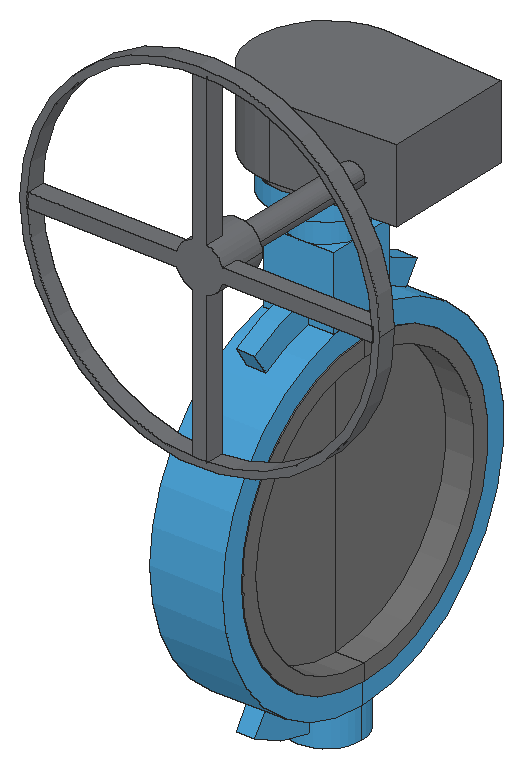
Revit family "711EG Butterfly Valve", category Pipe Accessories, Revit 2018
Family settings
  Round Connector Dimension = Use Diameter
  Part Type = Normal
  Work Plane-Based = No
  Always vertical = Yes
  Cut with Voids When Loaded = No
  Shared = No
Parameters (values of type "Standard")
  pipe radius [instance] = Pipe Diameter / 2  # 4.3125"
  Weight [instance] = size_lookup(LookupTable, "Weight", "NA", Nominal Diameter)  # "42.9 lbs."
  URL = "http://www.fnw.com"
  Standards Lookup Table = "Standards"  # constant formula
  Show Lever Clearance [instance] = no
  R3 [instance] = size_lookup(LookupTable, "R3", 0.000", Nominal Diameter)  # 4.8125"
  R2 [instance] = size_lookup(LookupTable, "R2", 0.000", Nominal Diameter)  # 6.250"
  R1 [instance] = size_lookup(LookupTable, "R1", 0.000", Nominal Diameter)  # 5.500"
  Product ID [instance] = size_lookup(LookupTable, "ProductID", "NA", Nominal Diameter)  # "3916511"
  Pipe Diameter [instance] = size_lookup(Standards Lookup Table, "pipe_dia", 0.000", Nominal Diameter)  # 8.625"
  Part Number [instance] = size_lookup(LookupTable, "PartNumber", "NA", Nominal Diameter)  # "FNW711EGX"
  Nominal Diameter [instance] = 8"
  LookupTable [instance] = "711EG-Butterfly-Valve"  # constant formula
  L4 [instance] = size_lookup(LookupTable, "L4", 0.000", Nominal Diameter)  # 0.590"
  L3 [instance] = size_lookup(LookupTable, "L3", 0.000", Nominal Diameter)  # 0.060"
  L2 [instance] = size_lookup(LookupTable, "L2", 0.000", Nominal Diameter)  # 0.060"
  L1 [instance] = size_lookup(LookupTable, "L1", 0.000", Nominal Diameter)  # 2.180"
  H4 [instance] = size_lookup(LookupTable, "H4", 0.000", Nominal Diameter)  # 9.340"
  H3 [instance] = size_lookup(LookupTable, "H3", 0.000", Nominal Diameter)  # 8.670"
  H2 [instance] = size_lookup(LookupTable, "H2", 0.000", Nominal Diameter)  # 7.665"
  H1 [instance] = size_lookup(LookupTable, "H1", 0.000", Nominal Diameter)  # 6.510"
  Description BOM [instance] = size_lookup(LookupTable, "Description_BOM", "NA", Nominal Diameter)  # "Lead Law Compliant 8 Cast Iron Bronze EPDM 200# Wafer Butterfly Valve Gear Operator"
  D2 [instance] = size_lookup(LookupTable, "D2", 0.000", Nominal Diameter)  # 2.240"
  D1 [instance] = size_lookup(LookupTable, "D1", 0.000", Nominal Diameter)  # 3.540"
  A1 [instance] = 33.00°  # constant formula
  1_Z4 [instance] = size_lookup(LookupTable, "1_Z4", 0.000", Nominal Diameter)  # 1.476"
  1_Z3 [instance] = size_lookup(LookupTable, "1_Z3", 0.000", Nominal Diameter)  # 2.303"
  1_Z2 [instance] = size_lookup(LookupTable, "1_Z2", 0.000", Nominal Diameter)  # 0.453"
  1_Y5 [instance] = size_lookup(LookupTable, "1_Y5", 0.000", Nominal Diameter)  # 0.56102"
  1_Y4 [instance] = size_lookup(LookupTable, "1_Y4", 0.000", Nominal Diameter)  # 1.49606"
  1_Y3 [instance] = size_lookup(LookupTable, "1_Y3", 0.000", Nominal Diameter)  # 8.070"
  1_Y2 [instance] = size_lookup(LookupTable, "1_Y2", 0.000", Nominal Diameter)  # 8.070"
  1_Y1 [instance] = size_lookup(LookupTable, "1_Y1", 0.000", Nominal Diameter)  # 2.825"
  1_X7 [instance] = size_lookup(LookupTable, "1_X7", 0.000", Nominal Diameter)  # 5.650"
  1_X6 [instance] = size_lookup(LookupTable, "1_X6", 0.000", Nominal Diameter)  # 0.74803"
  1_X5 [instance] = size_lookup(LookupTable, "1_X5", 0.000", Nominal Diameter)  # 0.37402"
  1_X4 [instance] = size_lookup(LookupTable, "1_X4", 0.000", Nominal Diameter)  # 2.480"
  1_X3 [instance] = size_lookup(LookupTable, "1_X3", 0.000", Nominal Diameter)  # 3.840"
Reference planes (in)
  plane 1 "Center (Front/Back)": y = 0
  plane 2: z = 0
  plane 3 "Center (Left/Right)": x = 0
  plane 4: y = 1.09
  plane 5: y = -1.09
  plane 6: x = -1.09
  plane 7: x = 1.09
  plane 8: x = -1.15
  plane 9: x = 1.15
  plane 10: z = -5.5
  plane 11: z = 5.5
  plane 12: z = -6.25
  plane 13: z = 6.25
  plane 14: z = -6.51
  plane 15: z = 7.665
  plane 16: z = 8.67
  plane 17 "Pad Top": z = 9.34
  plane 18: x = -1.77
  plane 19: x = 1.77
  plane 20: z = 4.3125
  plane 21: x = -1.21
  plane 22: x = 1.21
  plane 23: z = 4.8125
  plane 24: x = -0.295
  plane 25: x = 0.295
  plane 26: z = -4.8125
Forms (in)
  Extrusion 1, solid, material "butterfly paint blue"
    sketch origin (0, 0, 0) x (1, 0, 0) y (0, 1, 0)
      loop
        circle (0, 0) r 1.77
    from 8.67 to 9.34
  Revolve 2, solid, material "butterfly paint blue"
    sketch origin (0, 0, 0) x (1, 0, 0) y (0, 0, 1)
      loop
        line (-1.15, 4.8125) -> (1.15, 4.8125) -> (1.15, 5.5) -> (-1.15, 5.5) -> (-1.15, 4.8125)
      axis (-1.15, 0) -> (1.15, 0)
    angle from 0 to 360
  Revolve 3, solid, material "Rubber, Black"
    sketch origin (0, 0, 0) x (1, 0, 0) y (0, 0, 1)
      loop
        line (-1.21, 4.8125) -> (-1.21, 4.3125) -> (-0.295, 4.3125) -> (-0.295, 0) -> (0.295, 0) -> (0.295, 4.3125) -> (1.21, 4.3125) -> (1.21, 4.8125) -> (-1.21, 4.8125)
      axis (1.21, 0) -> (-1.21, 0)
    angle from 0 to 360
  Extrusion 4, solid, material "butterfly paint blue"
    sketch origin (0, 0, 0) x (1, 0, 0) y (0, 1, 0)
      loop
        line (-1.09, 1.09) -> (-1.09, -1.09) -> (1.09, -1.09) -> (1.09, 1.09) -> (-1.09, 1.09)
    from 4.8125 to 7.665
  Extrusion 5, solid, material "butterfly paint blue"
    sketch origin (0, 0, 0) x (1, 0, 0) y (0, 1, 0)
      loop
        circle (0, 0) r 1.09
    from 7.665 to 8.67
  Extrusion 6, solid, material "butterfly paint blue"
    sketch origin (0, 0, 0) x (1, 0, 0) y (0, 1, 0)
      loop
        circle (0, 0) r 1.12
    from -6.51 to -4.8125
  Extrusion 7, solid, material "butterfly paint blue"
    sketch origin (0, 0, 0) x (0, 1, 0) y (0, 0, 1)
      loop
        arc (3.17225, 5.3851) -> (0, 6.25) -> (-3.17225, 5.3851) r 6.25
        line (-3.17225, 5.3851) -> (-2.76333, 4.75542)
        arc (-2.76333, 4.75542) -> (0, 5.5) -> (2.76333, 4.75542) r 5.5
        line (2.76333, 4.75542) -> (3.17225, 5.3851)
      loop
        line (-2.76333, -4.75542) -> (-3.17225, -5.3851)
        arc (-3.17225, -5.3851) -> (0, -6.25) -> (3.17225, -5.3851) r 6.25
        line (3.17225, -5.3851) -> (2.76333, -4.75542)
        arc (2.76333, -4.75542) -> (0, -5.5) -> (-2.76333, -4.75542) r 5.5
    from -0.295 to 0.295
Dimensions and locks (in)
  equal spacing: plane 5, plane 1 "Center (Front/Back)", plane 4
  "L1": plane 5 to plane 4
  equal spacing: plane 7, plane 3 "Center (Left/Right)", plane 6
  "L1": plane 7 to plane 6
  "L2": plane 6 to plane 8
  "L2": plane 7 to plane 9
  "R1": plane 2 to plane 10
  "R1": plane 11 to plane 2
  "R2": plane 13 to plane 2
  "R2": plane 2 to plane 12
  "H1": plane 2 to plane 14
  "H2": plane 15 to plane 2
  "H3": plane 16 to plane 2
  "H4": plane 17 "Pad Top" to plane 2
  equal spacing: plane 18, plane 3 "Center (Left/Right)", plane 19
  "D1": plane 18 to plane 19
  "pipe radius": plane 20 to plane 2
  "L3": plane 21 to plane 8
  "L3": plane 9 to plane 22
  "R3": plane 23 to plane 2
  equal spacing: plane 25, plane 3 "Center (Left/Right)", plane 24
  "L4": plane 25 to plane 24
  "R3": plane 2 to plane 26
  "D1": diameter of Extrusion 1 sketch curve
  "L1": diameter of Extrusion 5 sketch curve
  "D2": diameter of Extrusion 6 sketch curve
  "R2": radius of Extrusion 7 sketch curve  (x2)
  radius of Revolve 2 = 5.500"  (x2)
  "R1": radius of Extrusion 7 sketch curve  (x2)
  "A1": angle Extrusion 7 sketch curve to plane 1 "Center (Front/Back)"  (x2)
  "A1": angle plane 1 "Center (Front/Back)" to Extrusion 7 sketch curve  (x2)
  aligned and locked: plane 2 to level
  aligned and locked: Extrusion 1 to plane 16
  aligned and locked: plane 17 "Pad Top" to Extrusion 1
  aligned and locked: Revolve 2 sketch curve to plane 2
  aligned and locked: Revolve 2 sketch curve to plane 8
  aligned and locked: plane 9 to Revolve 2 sketch curve
  aligned and locked: Revolve 2 sketch curve to plane 23
  aligned and locked: plane 11 to Revolve 2 sketch curve
  aligned and locked: plane 2 to Revolve 3 sketch curve  (x2)
  aligned and locked: Revolve 3 sketch curve to plane 20  (x2)
  aligned and locked: Revolve 3 sketch curve to plane 23
  aligned and locked: plane 21 to Revolve 3 sketch curve
  aligned and locked: Revolve 3 sketch curve to plane 22
  aligned and locked: plane 6 to Extrusion 4 sketch curve
  aligned and locked: plane 4 to Extrusion 4 sketch curve
  aligned and locked: plane 7 to Extrusion 4 sketch curve
  aligned and locked: plane 5 to Extrusion 4 sketch curve
  aligned and locked: Extrusion 4 to plane 23
  aligned and locked: plane 15 to Extrusion 4
  aligned and locked: Extrusion 5 to plane 15
  aligned and locked: plane 16 to Extrusion 5
  aligned and locked: plane 14 to Extrusion 6
  aligned and locked: Extrusion 6 to plane 26
  aligned and locked: Revolve 3 sketch curve to plane 25
  aligned and locked: Revolve 3 sketch curve to plane 24
  aligned and locked: Extrusion 7 to Revolve 3  (x2)
Automatic sketch dimensions
  plane 18 to Revolve 2 sketch curve = 1.38258"
  plane 19 to Revolve 2 sketch curve = 0.67957"
  plane 18 to Revolve 3 sketch curve = 0.55945"
  Revolve 3 sketch curve to plane 24 = 0.0725"
  plane 1 "Center (Front/Back)" to Extrusion 1 sketch curve = 0.000"
  Extrusion 1 sketch curve to plane 3 "Center (Left/Right)" = 0.000"
  plane 1 "Center (Front/Back)" to Extrusion 5 sketch curve = 0.000"
  Extrusion 5 sketch curve to plane 3 "Center (Left/Right)" = 0.000"
  plane 1 "Center (Front/Back)" to Extrusion 6 sketch curve = 0.000"
  Extrusion 6 sketch curve to plane 3 "Center (Left/Right)" = 0.000"
  Extrusion 7 sketch curve to Extrusion 7 sketch curve = 0.000"  (x6)
  Extrusion 7 sketch curve to level = 0.000"
  Extrusion 7 sketch curve to plane 1 "Center (Front/Back)" = 0.000"
  Extrusion 7 sketch curve to plane 23 = 0.05708"  (x2)
  Extrusion 7 sketch curve to plane 26 = 0.05708"  (x2)
Nested families (in)
  nested 1: "butterfly gear" at (0, 0, 9.34), 1_Y1 <- "D2", 1_X3 <- "1_X3", 1_X4 <- "1_X4", 1_X5 <- "1_X5", 1_Z3 <- "1_Z3", 1_Y2 <- "1_Y2", 1_Z2 <- "1_Z2", D1 <- "D1", 1_X6 <- "1_X6", 1_X7 <- "1_X7", 1_Y3 <- "1_Y3", 1_Y4 <- "1_Y4", 1_Y5 <- "1_Y5", 1_Z4 <- "1_Z4", type "butterfly gear"
    with Spoke half 0.22451", Spoke 0.44901", ORS 5.43125", Locked Angle 3.00°, IRS 0.96678", D1 3.540", 1_Z4 1.476", 1_Z3 Half 1.1515", 1_Z3 2.303", 1_Z2 0.453", 1_Y5 0.56102", 1_Y4 1.49606", 1_Y3 8.070", 1_Y2_Half 4.035", 1_Y2 8.070", 1_Y1_Half 1.120", 1_Y1 2.240", 1_X7 5.650", 1_X6 0.74803", 1_X5 0.37402", 1_X4 2.480", 1_X3 3.840"
Connectors (in)
  piping at (1.15, 0, 0), diameter 8, driven by "Nominal Diameter"
    settings: on Revolve 2, index 1, connector inside diameter 24", connector length 0.000", flow factor 0, pipe flow 0 GPM, pressure drop 0.00 psi, fitting loss kfactor 0, connector angle 0.00°, fixture units 0, engagement length 0.000", angle of deflection 0.00°, flow configuration 0, flow direction 0, fitting loss method 0, system type 7, joint type 0, gender type 0, connector reference index -1, connector utility 0, adjustable connector no, is connector primary yes, connector description ""
  piping at (-1.15, 0, 0), diameter 8, driven by "Nominal Diameter"
    settings: on Revolve 2, index 2, connector inside diameter 24", connector length 0.000", flow factor 0, pipe flow 0 GPM, pressure drop 0.00 psi, fitting loss kfactor 0, connector angle 0.00°, fixture units 0, engagement length 0.000", angle of deflection 0.00°, flow configuration 0, flow direction 0, fitting loss method 0, system type 7, joint type 0, gender type 0, connector reference index -1, connector utility 0, adjustable connector no, is connector primary no, connector description ""
Definition of nested family "butterfly gear"
  Parameters (values of type "butterfly gear")
    Spoke half [instance] = 0.22451"
    Spoke [instance] = Spoke half * 2  # 0.44901"
    ORS [instance] = [1_X7] - 0.21875"  # 1.78125"
    Locked Angle [instance] = 3.00°  # constant formula
    IRS [instance] = [1_X6] + 0.21875"  # 0.90625"
    D1 [instance] = 1.500"
    1_Z4 [instance] = 3.750"
    1_Z3 Half [instance] = [1_Z3] / 2  # 0.375"
    1_Z3 [instance] = 0.750"
    1_Z2 [instance] = 0.250"
    Default Elevation = 48.000"
    1_Y5 [instance] = 0.375"
    1_Y4 [instance] = 1.125"
    1_Y3 [instance] = 3.250"
    1_Y2_Half [instance] = [1_Y2] / 2  # 6.61721"
    1_Y2 [instance] = 13.23443"
    1_Y1_Half [instance] = [1_Y1] / 2  # 0.59961"
    1_Y1 [instance] = 1.19922"
    1_X7 [instance] = 2.000"
    1_X6 [instance] = 0.6875"
    1_X5 [instance] = 0.250"
    1_X4 [instance] = 1.500"
    1_X3 [instance] = 2.15625"
  Reference planes (in)
    plane 1 "Center (Front/Back)": y = 0
    plane 2: z = 0
    plane 3 "Center (Left/Right)": x = 0
    plane 4 "Top": z = 0.25
    plane 5: x = 2.15625
    plane 6: y = 1.19922
    plane 7: y = -1.19922
    plane 8: z = 1
    plane 9: x = 1.5
    plane 10: y = -3.25
    plane 11 "gear center": z = 3.75
    plane 12: y = -2.875
  Forms (in)
    Extrusion 1, solid
      sketch origin (0, 0, 0) x (1, 0, 0) y (0, 1, 0)
        loop
          arc (0, 1.19922) -> (-1.19922, 0) -> (0, -1.19922) r 1.19922
          line (0, -1.19922) -> (2.15625, -1.08621) -> (2.15625, 1.08621) -> (0, 1.19922)
      from 0.25 to 1
    Extrusion 2, solid
      sketch origin (0, 0, 0) x (1, 0, 0) y (0, 1, 0)
        loop
          circle (0, 0) r 0.75
      from 0 to 0.25
    Revolve 3, solid
      sketch origin (0, 0, 3.75) x (-1, 0, 0) y (0, -1, 0)
        loop
          line (-1.5, 0) -> (-1.25, 0) -> (-1.25, 2.125) -> (-0.8125, 2.125) -> (-0.8125, 3.25) -> (-1.5, 3.25) -> (-1.5, 0)
        axis (-1.5, 0) -> (-1.5, 3.25)
      angle from 0 to 360
    Extrusion 4, solid
      sketch origin (0, 0, 0) x (1, 0, 0) y (0, 0, 1)
        loop
          line (1.27549, 5.53125) -> (1.27549, 3.97451) -> (-0.28125, 3.97451) -> (-0.28125, 3.52549) -> (1.27549, 3.52549) -> (1.27549, 1.96875) -> (1.72451, 1.96875) -> (1.72451, 3.52549) -> (3.28125, 3.52549) -> (3.28125, 3.97451) -> (1.72451, 3.97451) -> (1.72451, 5.53125) -> (1.27549, 5.53125)
      from 2.875 to 3.25
    Extrusion 5, solid
      sketch origin (0, 0, 0) x (1, 0, 0) y (0, 0, 1)
        loop
          circle (1.5, 3.75) r 1.78125
        loop
          circle (1.5, 3.75) r 2
      from 2.875 to 3.25
  Cuts and joins
    joined: Revolve 3, Extrusion 4
  Lines and regions (in)
    reference lines
      curve 1: line (1.27406, 0, 0) -> (-2.01203, 0, 0)
      curve 2: line (0, 0.75, 0) -> (0, -0.75, 0)
  Dimensions and locks (in)
    "1_Z2": plane 4 "Top" to level
    "1_X3": plane 3 "Center (Left/Right)" to plane 5
    "1_Y1": plane 7 to plane 1 "Center (Front/Back)"
    "1_Y1": plane 1 "Center (Front/Back)" to plane 6
    "1_Z3": plane 8 to plane 4 "Top"
    "1_X4": plane 3 "Center (Left/Right)" to plane 9
    "1_Y3": plane 10 to plane 1 "Center (Front/Back)"
    "1_X5": Revolve 3 sketch curve to plane 9
    "1_X6": Revolve 3 sketch curve to plane 9
    "1_Y4": Revolve 3 sketch curve to plane 10
    "1_Y5": plane 12 to plane 10
    "1_Z4": plane 11 "gear center" to plane 2
    equal spacing: Extrusion 4 sketch curve, plane 9, Extrusion 4 sketch curve
    equal spacing: Extrusion 4 sketch curve, plane 11 "gear center", Extrusion 4 sketch curve
    "Spoke": Extrusion 4 sketch curve to Extrusion 4 sketch curve  (x2)
    "ORS": Extrusion 4 sketch curve to plane 11 "gear center" to Extrusion 4 sketch curve
    "ORS": Extrusion 4 sketch curve to plane 9 to Extrusion 4 sketch curve
    "1_Y1": radius of Extrusion 1 sketch curve
    "D1": diameter of Extrusion 2 sketch curve
    "ORS": radius of Extrusion 5 sketch curve
    "1_X7": radius of Extrusion 5 sketch curve
    "Locked Angle": angle Extrusion 1 sketch curve to plane 6
    "Locked Angle": angle plane 7 to Extrusion 1 sketch curve
    aligned and locked: plane 2 to level
    aligned and locked: Extrusion 1 sketch curve to plane 5
    aligned and locked: Extrusion 1 to plane 4 "Top"
    aligned and locked: Extrusion 1 to plane 8
    aligned and locked: plane 4 "Top" to Extrusion 2
    aligned and locked: Extrusion 2 to level
    aligned and locked: Revolve 3 sketch curve to plane 9
    aligned and locked: Revolve 3 sketch curve to plane 1 "Center (Front/Back)"
    aligned and locked: Extrusion 4 to plane 10
    aligned and locked: plane 12 to Extrusion 4
    aligned and locked: cut or joined group of Revolve 3, Extrusion 4 to plane 10
    aligned and locked: plane 12 to cut or joined group of Revolve 3, Extrusion 4
    aligned and locked: Extrusion 5 to plane 10
    aligned and locked: plane 12 to Extrusion 5
    aligned and locked: Revolve 3 sketch curve to plane 10
  Automatic sketch dimensions
    plane 1 "Center (Front/Back)" to curve 1 = 0.000"
    curve 2 to plane 3 "Center (Left/Right)" = 0.000"
    curve 1 to plane 3 "Center (Left/Right)" = 2.01203"
    curve 1 to plane 9 = 0.22594"
    plane 7 to curve 2 = 0.44922"
    plane 6 to curve 2 = 0.44922"
    Extrusion 1 sketch curve to plane 3 "Center (Left/Right)" = 0.000"  (x2)
    Extrusion 1 sketch curve to plane 7 = 0.000"
    plane 1 "Center (Front/Back)" to Extrusion 2 sketch curve = 0.000"
    Extrusion 2 sketch curve to plane 3 "Center (Left/Right)" = 0.000"
    Revolve 3 sketch curve to plane 9 = 0.000"
    plane 7 to Revolve 3 sketch curve = 0.19922"
    Revolve 3 sketch curve to Revolve 3 sketch curve = 0.75779"
    Extrusion 4 sketch curve to plane 9 = 0.22451"
    plane 9 to Extrusion 4 sketch curve = 0.22451"
    Extrusion 4 sketch curve to plane 11 "gear center" = 0.22451"
    plane 11 "gear center" to Extrusion 4 sketch curve = 0.22451"
    Extrusion 5 sketch curve to Extrusion 5 sketch curve = 0.000"  (x2)
    Extrusion 5 sketch curve to plane 9 = 0.000"
    Extrusion 5 sketch curve to plane 11 "gear center" = 0.000"
